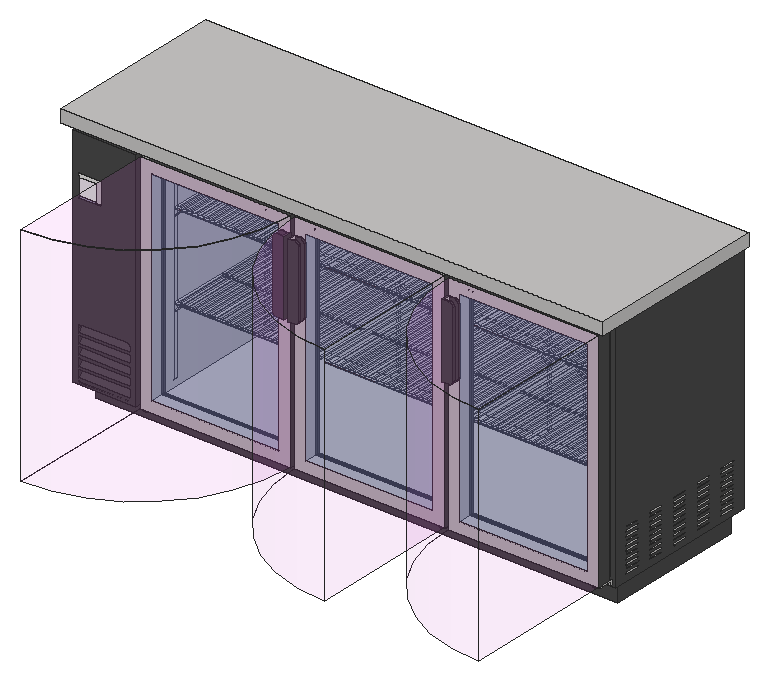
Revit family "QF_Kelvinator_738274_KCHBB72G", category Specialty Equipment, Revit 2021 (continued)
Definition of nested family "KCHBB48S"
  Definition of nested family "Family1"
    Forms (in)
      Extrusion 9, solid
        sketch origin (-1.99196, -0.22718, 30.54873) x (0, -1, 0) y (1, 0, 0)
          loop
            circle (0.64782, 2.54332) r 0.25
        from 0 to 0.125
      Extrusion 10, solid
        sketch origin (-1, 0.35049, 31.46969) x (0, 0, -1) y (1, 0, 0)
          loop
            circle (0.77738, 2.54332) r 0.25
        from 0 to 0.125
      Extrusion 11, solid
        sketch origin (-2, 0.35049, 31.46969) x (0, 0, -1) y (1, 0, 0)
          loop
            circle (0.77738, 2.54332) r 0.25
        from 0 to 0.125
      Extrusion 12, solid
        sketch origin (0, 0.5, -1.02282) x (0, 0, -1) y (-1, 0, 0)
          loop
            line (-1.02282, 0) -> (-1.02282, -3) -> (-0.40238, -3) -> (-0.40238, 0) -> (-1.02282, 0)
        from 0 to -0.14951
      Extrusion 13, solid
        sketch origin (-38.39759, -180, 0) x (0, 1, 0) y (1, 0, 0)
          loop
            line (180.5, 38.39759) -> (180.5, 39.50032) -> (178.875, 39.50032)
            arc (178.875, 39.50032) -> (178.32364, 38.94896) -> (178.875, 38.39759) r 0.55136
            line (178.875, 38.39759) -> (180.5, 38.39759)
        from 0 to 0.14873
      Extrusion 14, solid
        sketch origin (0, 0.35049, -1.06969) x (0, 0, 1) y (-1, 0, 0)
          loop
            circle (0.77738, -2.54332) r 0.25
        from 0 to 0.125
      Extrusion 15, solid
        sketch origin (-1.99196, -0.22718, -0.14873) x (-1, 0, 0) y (0, 1, 0)
          loop
            circle (-2.54332, -0.64782) r 0.25
        from 0 to 0.125
      Extrusion 16, solid
        sketch origin (1, 0.35049, -1.06969) x (0, 0, 1) y (-1, 0, 0)
          loop
            circle (0.77738, -0.54332) r 0.25
        from 0 to 0.125
      Extrusion 17, solid
        sketch origin (2, 0.35049, -1.06969) x (0, 0, 1) y (-1, 0, 0)
          loop
            circle (0.77738, 1.45668) r 0.25
        from 0 to 0.125
      Extrusion 18, void
        sketch origin (0, 0, 0) x (1, 0, 0) y (0, 0, 1)
          loop
            line (18.7, 28.9) -> (1.5, 28.9) -> (1.5, 1.5) -> (18.7, 1.5) -> (18.7, 28.9)
        from -0.5 to 1.75
      Extrusion 19, solid
        sketch origin (0, 0, 0) x (1, 0, 0) y (0, 0, 1)
          loop
            line (1.5, 28.9) -> (1.5, 1.5) -> (18.7, 1.5) -> (18.7, 28.9) -> (1.5, 28.9)
        from 0 to 1.75
      Extrusion 20, solid
        sketch origin (0, -1.75, 0) x (1, 0, 0) y (0, 0, 1)
          loop
            line (18.7, 28.28433) -> (18.7, 18.28433) -> (20.2, 18.28433) -> (20.2, 28.28433) -> (18.7, 28.28433)
        from 0 to 1.07803
      Extrusion 21, void
        sketch origin (18.7, -1.75, 28.28433) x (0, 1, 0) y (1, 0, 0)
          loop
            line (-0.20136, 1.25) -> (-0.88809, 1.25) -> (-0.88809, 0) -> (-0.20136, 0) -> (-0.20136, 1.25)
        from 0 to 10
      Extrusion 22, void
        sketch origin (0, -1.75, 0) x (1, 0, 0) y (0, 0, 1)
          loop
            line (20.34063, 28.28433) -> (20.34063, 28.45985) -> (18.51722, 28.45985) -> (18.51722, 27.64371) -> (18.68438, 27.64371)
            arc (18.68438, 27.64371) -> (18.87201, 28.0967) -> (19.325, 28.28433) r 0.64062
            line (19.325, 28.28433) -> (20.34063, 28.28433)
          loop
            line (20.34063, 18.28433) -> (19.325, 18.28433)
            arc (19.325, 18.28433) -> (18.87201, 18.47197) -> (18.68438, 18.92496) r 0.64062
            line (18.68438, 18.92496) -> (18.51722, 18.92496) -> (18.51722, 18.10882) -> (20.34063, 18.10882) -> (20.34063, 18.28433)
        from 0 to 1.07803
      Extrusion 23, solid, visible <- "Show Clearance"
        sketch origin (0, 0, 0) x (1, 0, 0) y (0, 1, 0)
          loop
            line (0, -1.75) -> (0, -21.95)
            arc (0, -21.95) -> (14.28356, -16.03356) -> (20.2, -1.75) r 20.2
            line (20.2, -1.75) -> (0, -1.75)
        from 0 to 30.4
    Cuts and joins
      Extrusion 2, Extrusion 3, Extrusion 18, Extrusion 22 cuts Extrusion 1
      joined: Extrusion 6, Extrusion 7, Extrusion 8, Extrusion 9, Extrusion 10, Extrusion 11
      joined: Extrusion 12, Extrusion 13, Extrusion 14, Extrusion 15, Extrusion 16, Extrusion 17
      Extrusion 18, Extrusion 22 cuts Extrusion 4
      Extrusion 18 cuts Extrusion 5
      Extrusion 22 cuts Extrusion 19
      Extrusion 21, Extrusion 22 cuts Extrusion 20
    Lines and regions (in)
      Split face 1
        outline origin (0, -1.75, 30.4) x (-1, 0, 0) y (0, 0, -1)
          loop
            arc (-16.6075, 0.1875) -> (-16.295, 0.5) -> (-16.6075, 0.8125) r 0.3125
            line (-16.6075, 0.8125) -> (-17.70125, 0.8125)
            arc (-17.70125, 0.8125) -> (-18.01375, 0.5) -> (-17.70125, 0.1875) r 0.3125
            line (-17.70125, 0.1875) -> (-16.6075, 0.1875)
      Split face 2
        outline origin (0, -1.75, 30.4) x (-1, 0, 0) y (0, 0, -1)
          loop
            circle (-17.15437, 0.5) r 0.2773
      symbolic lines, visible <- "Show Clearance"
        curve 1: arc (17.31478, -12.15377, 0) -> (19.38442, -7.43194, 0) -> (20.19138, -2.34, 0) r 20.2
        curve 2: line (0.98192, -2.34, 0) -> (17.31478, -12.15377, 0)
    Dimensions and locks (in)
      equal spacing: plane 3 "LEFT", plane 7 "Center Y", plane 4 "RIGHT"
      "Length": plane 3 "LEFT" to plane 4 "RIGHT"
      equal spacing: plane 5 "FRONT", plane 8 "Center X", plane 1 "BACK"
      "Depth": plane 5 "FRONT" to plane 1 "BACK"
      "Height": plane 6 "TOP" to level
      locked: plane 13 to plane 4 "RIGHT" at 0.3125
      locked: plane 14 to plane 4 "RIGHT" at 1.5
      aligned and locked: level to plane 2
      aligned and locked: cut or joined group of Extrusion 4, Extrusion 18, Extrusion 22 to plane 13
      aligned and locked: cut or joined group of Extrusion 5, Extrusion 18 to plane 13
      aligned and locked: cut or joined group of Extrusion 19, Extrusion 22 to plane 14
      aligned and locked: plane 14 to cut or joined group of Extrusion 20, Extrusion 21, Extrusion 22
    Automatic sketch dimensions
      Extrusion 1 sketch curve to level = 0"
      Extrusion 1 sketch curve to plane 3 "LEFT" = 0"
      plane 4 "RIGHT" to Extrusion 1 sketch curve = 0"
      Extrusion 1 sketch curve to plane 6 "TOP" = 0"
      Extrusion 2 sketch curve to plane 6 "TOP" = 4.42179"
      Extrusion 2 sketch curve to Extrusion 2 sketch curve = 0.3367"
      Extrusion 2 sketch curve to Extrusion 2 sketch curve = 0.33813"  (x2)
      Extrusion 2 sketch curve to Extrusion 2 sketch curve = 0.09937"  (x2)
      Extrusion 2 sketch curve to Extrusion 2 sketch curve = 0.1008"  (x2)
      plane 12 to Extrusion 2 sketch curve = 4.2715"
      Extrusion 2 sketch curve to Extrusion 2 sketch curve = 0.06211"
      Extrusion 2 sketch curve to Extrusion 2 sketch curve = 0.541"  (x2)
      plane 7 "Center Y" to Extrusion 2 sketch curve = 4.175"
      Extrusion 2 sketch curve to Extrusion 2 sketch curve = 0"
      Extrusion 2 sketch curve to Extrusion 2 sketch curve = 0.47572"
      Extrusion 2 sketch curve to Extrusion 2 sketch curve = 0.063"
      Split face 1 sketch curve to cut or joined group of Extrusion 1, Extrusion 2, Extrusion 3, Extrusion 18, Extrusion 22 = 3/16"
      cut or joined group of Extrusion 1, Extrusion 2, Extrusion 3, Extrusion 18, Extrusion 22 to Split face 1 sketch curve = 0.2873"  (x2)
      Split face 1 sketch curve to cut or joined group of Extrusion 1, Extrusion 2, Extrusion 3, Extrusion 18, Extrusion 22 = 1/32"
      Split face 2 sketch curve to cut or joined group of Extrusion 1, Extrusion 2, Extrusion 3, Extrusion 18, Extrusion 22 = 1/32"
      Split face 2 sketch curve to cut or joined group of Extrusion 1, Extrusion 2, Extrusion 3, Extrusion 18, Extrusion 22 = 0.25958"
      Extrusion 1 to Extrusion 3 sketch curve = 15/32"
      Extrusion 1 to Extrusion 3 sketch curve = 2.78605"
      Extrusion 3 sketch curve to Extrusion 3 sketch curve = 0.51916"
      Extrusion 3 sketch curve to Extrusion 3 sketch curve = 1/16"
      Extrusion 4 sketch curve to plane 1 "BACK" = 0"
      level to Extrusion 4 sketch curve = 0.32425"
      Extrusion 4 sketch curve to plane 6 "TOP" = 0.32575"
      Extrusion 4 sketch curve to Extrusion 4 sketch curve = 1/4"
      Extrusion 5 sketch curve to plane 9 = 0"
      level to Extrusion 5 sketch curve = 0.32425"
      Extrusion 5 sketch curve to plane 6 "TOP" = 0.32575"
      Extrusion 5 sketch curve to Extrusion 5 sketch curve = 1/4"
      Extrusion 6 sketch curve to plane 6 "TOP" = 0"
      Extrusion 6 sketch curve to plane 3 "LEFT" = 0"
      Extrusion 6 sketch curve to plane 10 = 0.12956"
      plane 12 to Extrusion 6 sketch curve = 2 11/16"
      Extrusion 7 sketch curve to plane 9 = 0"
      Extrusion 7 sketch curve to plane 3 "LEFT" = 0"
      plane 12 to Extrusion 7 sketch curve = 0.23886"
      Extrusion 7 sketch curve to plane 8 "Center X" = 1/4"
      Extrusion 8 sketch curve to Extrusion 6 = 0.29232"
      Extrusion 8 sketch curve to Extrusion 6 = 0.45668"
      Extrusion 9 sketch curve to plane 8 "Center X" = 0"
      plane 12 to Extrusion 9 sketch curve = 0.23886"
      Extrusion 10 sketch curve to Extrusion 6 = 0.29232"
      Extrusion 10 sketch curve to Extrusion 6 = 1.45668"
      Extrusion 11 sketch curve to Extrusion 6 = 0.29232"
      Extrusion 11 sketch curve to Extrusion 6 = 0.54332"
      Extrusion 12 sketch curve to level = 0"
      Extrusion 12 sketch curve to plane 3 "LEFT" = 0"
      Extrusion 12 sketch curve to plane 11 = 0.12956"
      plane 12 to Extrusion 12 sketch curve = 2 11/16"
      Extrusion 13 sketch curve to plane 3 "LEFT" = 0"
      Extrusion 13 sketch curve to plane 9 = 0"
      Extrusion 13 sketch curve to plane 8 "Center X" = 1/4"
      Extrusion 13 sketch curve to Extrusion 13 sketch curve = 0.55136"
      Extrusion 14 sketch curve to Extrusion 12 = 0.29232"
      Extrusion 14 sketch curve to Extrusion 12 = 0.45668"
      Extrusion 15 sketch curve to plane 8 "Center X" = 0"
      plane 12 to Extrusion 15 sketch curve = 0.23886"
      Extrusion 16 sketch curve to Extrusion 12 = 0.29232"
      Extrusion 16 sketch curve to Extrusion 12 = 1.45668"
      Extrusion 17 sketch curve to Extrusion 12 = 0.29232"
      Extrusion 17 sketch curve to Extrusion 12 = 0.54332"
      plane 3 "LEFT" to Extrusion 18 sketch curve = 1 1/2"
      Extrusion 18 sketch curve to plane 6 "TOP" = 1 1/2"
      level to Extrusion 18 sketch curve = 1 1/2"
      plane 4 "RIGHT" to Extrusion 18 sketch curve = 1 1/2"
      plane 12 to Extrusion 19 sketch curve = 1 3/16"
      level to Extrusion 19 sketch curve = 1 1/2"
      Extrusion 19 sketch curve to plane 6 "TOP" = 1 1/2"
      plane 4 "RIGHT" to Extrusion 20 sketch curve = 0"
      Extrusion 20 sketch curve to plane 6 "TOP" = 12.11567"
      Extrusion 20 sketch curve to plane 6 "TOP" = 2.11567"
      Extrusion 21 sketch curve to Extrusion 20 = 1 1/4"
      Extrusion 21 sketch curve to Extrusion 20 = 1 1/2"
      Extrusion 20 to Extrusion 21 sketch curve = 0.18994"
      Extrusion 20 to Extrusion 21 sketch curve = 0.20136"
      Extrusion 22 sketch curve to Extrusion 20 = 0"  (x2)
      Extrusion 22 sketch curve to Extrusion 20 = 0.18278"  (x2)
      Extrusion 22 sketch curve to Extrusion 20 = 1/64"  (x2)
      Extrusion 20 to Extrusion 22 sketch curve = 5/8"  (x2)
      Extrusion 22 sketch curve to Extrusion 20 = 9/64"  (x2)
      Extrusion 22 sketch curve to Extrusion 20 = 0.17552"
      Extrusion 22 sketch curve to Extrusion 22 sketch curve = 0.17552"
      Extrusion 23 sketch curve to plane 3 "LEFT" = 0"
      Extrusion 23 sketch curve to plane 4 "RIGHT" = 0"
      plane 5 "FRONT" to Extrusion 23 sketch curve = 0"
      plane 13 to Extrusion 19 sketch curve = 1 3/16"
      plane 13 to Extrusion 20 sketch curve = 1 3/16"
      curve 1 to plane 3 "LEFT" = 0"
      curve 2 to plane 15 = 0"
      curve 1 to plane 15 = 0"
      plane 5 "FRONT" to curve 1 = 0"
      plane 14 to curve 2 = 1.38522"
      curve 2 to plane 15 = 9.81377"
      plane 12 to curve 2 = 0.66942"
      radius of Split face 2 sketch curve = 0.2773"
      radius of Extrusion 8 sketch curve = 1/4"
      radius of Extrusion 9 sketch curve = 1/4"
      radius of Extrusion 10 sketch curve = 1/4"
      radius of Extrusion 11 sketch curve = 1/4"
      radius of Extrusion 14 sketch curve = 1/4"
      radius of Extrusion 15 sketch curve = 1/4"
      radius of Extrusion 16 sketch curve = 1/4"
      radius of Extrusion 17 sketch curve = 1/4"
  Definition of nested family "Family2"
    Parameters (values of type "Family2")
      Weight in Pounds = 0
      URL Cutsheet = ""
      Specification by User = ""
      Specification by Manufacturer = ""
      Serial Number = ""
      Seismic Rating = ""
      SMACNA No = ""
      Revision Code = ""
      NAFEM Spec ID Number = ""
      Masterspec = ""
      Length = 60 1/4"
      Item Number = ""
      Installed By = ""
      Identify Quantity as Lot = yes
      Height = 27"
      Furnished By = ""
      Foodservice Equipment Identifier = yes
      Depth = 17 1/2"
      Default Elevation = 0"
      CSI MasterFormat = ""
    Reference planes (in)
      plane 1 "BACK": y = 0
      plane 2: z = 0
      plane 3 "LEFT": x = 0
      plane 4 "RIGHT": x = 60.25
      plane 5 "FRONT": y = -17.5
      plane 6 "TOP": z = 27
      plane 7 "Center Y": x = 30.125
      plane 8 "Center X": y = -8.75
      plane 9: x = 19.75
      plane 10: x = 40.5
      plane 11: x = 20.25
      plane 12: x = 40
    Forms (in)
      Sweep 1, solid
        path origin (0, -0.375, -12.5068) x (1, 0, 0) y (0, 1, 0)
          loop
            arc (0.77862, -0.125) -> (0.60184, -0.19822) -> (0.52862, -0.375) r 0.25
            line (0.52862, -0.375) -> (0.52862, -15.625)
            arc (0.52862, -15.625) -> (0.60184, -15.80178) -> (0.77862, -15.875) r 0.25
            line (0.77862, -15.875) -> (19.4375, -15.875)
            arc (19.4375, -15.875) -> (19.61428, -15.80178) -> (19.6875, -15.625) r 0.25
            line (19.6875, -15.625) -> (19.6875, -0.375)
            arc (19.6875, -0.375) -> (19.61428, -0.19822) -> (19.4375, -0.125) r 0.25
            line (19.4375, -0.125) -> (0.77862, -0.125)
        profile origin (10.10806, -0.5, -12.5068) x (0, 1, 0) y (0, 0, 1)
          loop
            circle (0, 33.51221) r 0.125
      Sweep 2, solid
        path origin (0, -0.375, -12.5068) x (1, 0, 0) y (0, 0, 1)
          loop
            line (0.65748, 33.41305) -> (0.65748, 34.5)
            arc (0.65748, 34.5) -> (0.80392, 34.85355) -> (1.15748, 35) r 0.5
            line (1.15748, 35) -> (18.93214, 35)
            arc (18.93214, 35) -> (19.28569, 34.85355) -> (19.43214, 34.5) r 0.5
            line (19.43214, 34.5) -> (19.43214, 33.39548)
        profile origin (1.15748, -0.375, 22.4932) x (0, 0, 1) y (0, -1, 0)
          loop
            circle (0, 0.125) r 0.125
      Extrusion 3, solid
        sketch origin (0, -0.375, -12.5068) x (1, 0, 0) y (0, 0, 1)
          loop
            circle (1.24728, 33.51221) r 0.11607
          loop
            circle (1.99728, 33.51221) r 0.11719
          loop
            circle (2.74728, 33.51221) r 0.11719
          loop
            circle (3.49728, 33.51221) r 0.11719
          loop
            circle (4.24728, 33.51221) r 0.11719
          loop
            circle (4.99728, 33.51221) r 0.11719
          loop
            circle (5.74728, 33.51221) r 0.11719
          loop
            circle (6.49728, 33.51221) r 0.11719
          loop
            circle (7.24728, 33.51221) r 0.11719
          loop
            circle (7.99728, 33.51221) r 0.11719
          loop
            circle (8.74728, 33.51221) r 0.11719
          loop
            circle (12.59103, 33.51221) r 0.11719
          loop
            circle (9.49728, 33.51221) r 0.11719
          loop
            circle (10.24728, 33.51221) r 0.11719
          loop
            circle (10.99728, 33.51221) r 0.11719
          loop
            circle (11.74728, 33.51221) r 0.11719
          loop
            circle (16.44022, 33.51221) r 0.11719
          loop
            circle (15.69022, 33.51221) r 0.11719
          loop
            circle (14.94022, 33.51221) r 0.11719
          loop
            circle (14.19022, 33.51221) r 0.11719
          loop
            circle (13.44022, 33.51221) r 0.11719
          loop
            circle (18.71603, 33.51221) r 0.11719
          loop
            circle (17.12228, 33.51221) r 0.11719
          loop
            circle (17.87228, 33.51221) r 0.11719
        from 0.11338 to 15.87625
      Extrusion 4, solid
        sketch origin (0, -0.375, -12.5068) x (0, 1, 0) y (0, 0, 1)
          loop
            circle (-8, 33.51181) r 0.11366
        from 0.53657 to 19.50171
      Extrusion 5, solid
        sketch origin (17.375, -16, 0) x (1, 0, 0) y (0, 0, 1)
          loop
            line (42.875, 27) -> (42.69822, 26.82322) -> (42.69822, 0.17678) -> (42.875, 0) -> (42.875, 27)
        from 0 to -0.25
      Extrusion 6, solid
        sketch origin (17.375, -0.5, 0) x (1, 0, 0) y (0, 0, -1)
          loop
            line (42.875, -27) -> (42.875, 0) -> (42.69822, -0.17678) -> (42.69822, -26.82322) -> (42.875, -27)
        from 0 to -0.25
      Extrusion 7, solid
        sketch origin (10.98556, -16, -0.25) x (1, 0, 0) y (0, 0, 1)
          loop
            line (49.08766, 9.5) -> (49.08766, 9.625) -> (48.04932, 9.625)
            arc (48.04932, 9.625) -> (48.01474, 9.60189) -> (48.02285, 9.5611) r 0.03743
            line (48.02285, 9.5611) -> (49.08766, 8.49629) -> (49.08766, 8.67306) -> (48.30703, 9.45369)
            arc (48.30703, 9.45369) -> (48.30115, 9.48325) -> (48.32622, 9.5) r 0.02713
            line (48.32622, 9.5) -> (49.08766, 9.5)
          loop
            line (49.08766, 21) -> (49.08766, 21.125) -> (48.04932, 21.125)
            arc (48.04932, 21.125) -> (48.01474, 21.10189) -> (48.02285, 21.0611) r 0.03743
            line (48.02285, 21.0611) -> (49.08766, 19.99629) -> (49.08766, 20.17306) -> (48.30703, 20.95369)
            arc (48.30703, 20.95369) -> (48.30115, 20.98325) -> (48.32622, 21) r 0.02713
            line (48.32622, 21) -> (49.08766, 21)
        from 0 to -0.25
      Extrusion 8, solid
        sketch origin (11.0625, -0.5, -0.25) x (1, 0, 0) y (0, 0, -1)
          loop
            line (49.01072, -9.5) -> (48.24928, -9.5)
            arc (48.24928, -9.5) -> (48.22422, -9.48325) -> (48.2301, -9.45369) r 0.02713
            line (48.2301, -9.45369) -> (49.01072, -8.67306) -> (49.01072, -8.49629) -> (47.94591, -9.5611)
            arc (47.94591, -9.5611) -> (47.9378, -9.60189) -> (47.97238, -9.625) r 0.03743
            line (47.97238, -9.625) -> (49.01072, -9.625) -> (49.01072, -9.5)
          loop
            line (49.01072, -21) -> (48.24928, -21)
            arc (48.24928, -21) -> (48.22422, -20.98325) -> (48.2301, -20.95369) r 0.02713
            line (48.2301, -20.95369) -> (49.01072, -20.17306) -> (49.01072, -19.99629) -> (47.94591, -21.0611)
            arc (47.94591, -21.0611) -> (47.9378, -21.10189) -> (47.97238, -21.125) r 0.03743
            line (47.97238, -21.125) -> (49.01072, -21.125) -> (49.01072, -21)
        from 0 to -0.25
      Extrusion 9, solid
        sketch origin (18.875, -16, 0) x (-1, 0, 0) y (0, 0, -1)
          loop
            line (18.875, -27) -> (18.875, 0) -> (18.69822, -0.17678) -> (18.69822, -26.82322) -> (18.875, -27)
        from 0 to -0.25
      Extrusion 10, solid
        sketch origin (18.875, -0.5, 0) x (-1, 0, 0) y (0, 0, 1)
          loop
            line (18.875, 27) -> (18.69822, 26.82322) -> (18.69822, 0.17678) -> (18.875, 0) -> (18.875, 27)
        from 0 to -0.25
      Extrusion 11, solid
        sketch origin (25.26444, -16, -0.25) x (-1, 0, 0) y (0, 0, -1)
          loop
            line (25.08766, -9.5) -> (24.32622, -9.5)
            arc (24.32622, -9.5) -> (24.30115, -9.48325) -> (24.30703, -9.45369) r 0.02713
            line (24.30703, -9.45369) -> (25.08766, -8.67306) -> (25.08766, -8.49629) -> (24.02285, -9.5611)
            arc (24.02285, -9.5611) -> (24.01474, -9.60189) -> (24.04932, -9.625) r 0.03743
            line (24.04932, -9.625) -> (25.08766, -9.625) -> (25.08766, -9.5)
          loop
            line (25.08766, -21) -> (24.32622, -21)
            arc (24.32622, -21) -> (24.30115, -20.98325) -> (24.30703, -20.95369) r 0.02713
            line (24.30703, -20.95369) -> (25.08766, -20.17306) -> (25.08766, -19.99629) -> (24.02285, -21.0611)
            arc (24.02285, -21.0611) -> (24.01474, -21.10189) -> (24.04932, -21.125) r 0.03743
            line (24.04932, -21.125) -> (25.08766, -21.125) -> (25.08766, -21)
        from 0 to -0.25
      Extrusion 12, solid
        sketch origin (25.1875, -0.5, -0.25) x (-1, 0, 0) y (0, 0, 1)
          loop
            line (25.01072, 9.5) -> (25.01072, 9.625) -> (23.97238, 9.625)
            arc (23.97238, 9.625) -> (23.9378, 9.60189) -> (23.94591, 9.5611) r 0.03743
            line (23.94591, 9.5611) -> (25.01072, 8.49629) -> (25.01072, 8.67306) -> (24.2301, 9.45369)
            arc (24.2301, 9.45369) -> (24.22422, 9.48325) -> (24.24928, 9.5) r 0.02713
            line (24.24928, 9.5) -> (25.01072, 9.5)
          loop
            line (25.01072, 21) -> (25.01072, 21.125) -> (23.97238, 21.125)
            arc (23.97238, 21.125) -> (23.9378, 21.10189) -> (23.94591, 21.0611) r 0.03743
            line (23.94591, 21.0611) -> (25.01072, 19.99629) -> (25.01072, 20.17306) -> (24.2301, 20.95369)
            arc (24.2301, 20.95369) -> (24.22422, 20.98325) -> (24.24928, 21) r 0.02713
            line (24.24928, 21) -> (25.01072, 21)
        from 0 to -0.25
      Extrusion 13, solid
        sketch origin (2.25171, -18.875, 0) x (0, 1, 0) y (0, 0, -1)
          loop
            line (18.875, -27) -> (18.875, 0) -> (18.69822, -0.17678) -> (18.69822, -26.82322) -> (18.875, -27)
        from 0 to -0.25
      Extrusion 14, solid
        sketch origin (2.25171, -25.26444, -0.25) x (0, 1, 0) y (0, 0, -1)
          loop
            line (25.08766, -9.48438) -> (24.32622, -9.48438)
            arc (24.32622, -9.48438) -> (24.30115, -9.46763) -> (24.30703, -9.43806) r 0.02713
            line (24.30703, -9.43806) -> (25.08766, -8.65744) -> (25.08766, -8.48066) -> (24.02285, -9.54547)
            arc (24.02285, -9.54547) -> (24.01474, -9.58627) -> (24.04932, -9.60938) r 0.03743
            line (24.04932, -9.60938) -> (25.08766, -9.60938) -> (25.08766, -9.48438)
          loop
            line (25.08766, -21) -> (24.32622, -21)
            arc (24.32622, -21) -> (24.30115, -20.98325) -> (24.30703, -20.95369) r 0.02713
            line (24.30703, -20.95369) -> (25.08766, -20.17306) -> (25.08766, -19.99629) -> (24.02285, -21.0611)
            arc (24.02285, -21.0611) -> (24.01474, -21.10189) -> (24.04932, -21.125) r 0.03743
            line (24.04932, -21.125) -> (25.08766, -21.125) -> (25.08766, -21)
        from 0 to -0.25
      Extrusion 15, solid
        sketch origin (17.43921, -18.875, 0) x (0, 1, 0) y (0, 0, -1)
          loop
            line (18.875, -27) -> (18.875, 0) -> (18.69822, -0.17678) -> (18.69822, -26.82322) -> (18.875, -27)
        from 0 to -0.25
      Extrusion 16, solid
        sketch origin (17.43921, -25.26444, -0.25) x (0, 1, 0) y (0, 0, -1)
          loop
            line (25.08766, -9.48438) -> (24.32622, -9.48438)
            arc (24.32622, -9.48438) -> (24.30115, -9.46763) -> (24.30703, -9.43806) r 0.02713
            line (24.30703, -9.43806) -> (25.08766, -8.65744) -> (25.08766, -8.48066) -> (24.02285, -9.54547)
            arc (24.02285, -9.54547) -> (24.01474, -9.58627) -> (24.04932, -9.60938) r 0.03743
            line (24.04932, -9.60938) -> (25.08766, -9.60938) -> (25.08766, -9.48438)
          loop
            line (25.08766, -21) -> (24.32622, -21)
            arc (24.32622, -21) -> (24.30115, -20.98325) -> (24.30703, -20.95369) r 0.02713
            line (24.30703, -20.95369) -> (25.08766, -20.17306) -> (25.08766, -19.99629) -> (24.02285, -21.0611)
            arc (24.02285, -21.0611) -> (24.01474, -21.10189) -> (24.04932, -21.125) r 0.03743
            line (24.04932, -21.125) -> (25.08766, -21.125) -> (25.08766, -21)
        from 0 to -0.25
      Sweep 17, solid
        path origin (0, -0.375, -24.0068) x (1, 0, 0) y (0, 1, 0)
          loop
            arc (0.77862, -0.125) -> (0.60184, -0.19822) -> (0.52862, -0.375) r 0.25
            line (0.52862, -0.375) -> (0.52862, -15.625)
            arc (0.52862, -15.625) -> (0.60184, -15.80178) -> (0.77862, -15.875) r 0.25
            line (0.77862, -15.875) -> (19.4375, -15.875)
            arc (19.4375, -15.875) -> (19.61428, -15.80178) -> (19.6875, -15.625) r 0.25
            line (19.6875, -15.625) -> (19.6875, -0.375)
            arc (19.6875, -0.375) -> (19.61428, -0.19822) -> (19.4375, -0.125) r 0.25
            line (19.4375, -0.125) -> (0.77862, -0.125)
        profile origin (10.10806, -0.5, -24.0068) x (0, 1, 0) y (0, 0, 1)
          loop
            circle (0, 33.51221) r 0.125
      Sweep 18, solid
        path origin (0, -0.375, -24.0068) x (1, 0, 0) y (0, 0, 1)
          loop
            line (0.65748, 33.41305) -> (0.65748, 34.5)
            arc (0.65748, 34.5) -> (0.80392, 34.85355) -> (1.15748, 35) r 0.5
            line (1.15748, 35) -> (18.93214, 35)
            arc (18.93214, 35) -> (19.28569, 34.85355) -> (19.43214, 34.5) r 0.5
            line (19.43214, 34.5) -> (19.43214, 33.39548)
        profile origin (1.15748, -0.375, 10.9932) x (0, 0, 1) y (0, -1, 0)
          loop
            circle (0, 0.125) r 0.125
      Extrusion 19, solid
        sketch origin (0, -0.375, -24.0068) x (1, 0, 0) y (0, 0, 1)
          loop
            circle (1.24728, 33.51221) r 0.11607
          loop
            circle (1.99728, 33.51221) r 0.11719
          loop
            circle (2.74728, 33.51221) r 0.11719
          loop
            circle (3.49728, 33.51221) r 0.11719
          loop
            circle (4.24728, 33.51221) r 0.11719
          loop
            circle (4.99728, 33.51221) r 0.11719
          loop
            circle (5.74728, 33.51221) r 0.11719
          loop
            circle (6.49728, 33.51221) r 0.11719
          loop
            circle (7.24728, 33.51221) r 0.11719
          loop
            circle (7.99728, 33.51221) r 0.11719
          loop
            circle (8.74728, 33.51221) r 0.11719
          loop
            circle (12.59103, 33.51221) r 0.11719
          loop
            circle (9.49728, 33.51221) r 0.11719
          loop
            circle (10.24728, 33.51221) r 0.11719
          loop
            circle (10.99728, 33.51221) r 0.11719
          loop
            circle (11.74728, 33.51221) r 0.11719
          loop
            circle (16.44022, 33.51221) r 0.11719
          loop
            circle (15.69022, 33.51221) r 0.11719
          loop
            circle (14.94022, 33.51221) r 0.11719
          loop
            circle (14.19022, 33.51221) r 0.11719
          loop
            circle (13.44022, 33.51221) r 0.11719
          loop
            circle (18.71603, 33.51221) r 0.11719
          loop
            circle (17.12228, 33.51221) r 0.11719
          loop
            circle (17.87228, 33.51221) r 0.11719
        from 0.11338 to 15.87625
      Extrusion 20, solid
        sketch origin (0, -0.375, -24.0068) x (0, 1, 0) y (0, 0, 1)
          loop
            circle (-8, 33.51181) r 0.11366
        from 0.53657 to 19.50171
      Sweep 21, solid
        path origin (60.25, -0.375, -12.5068) x (-1, 0, 0) y (0, -1, 0)
          loop
            line (0.77862, 0.125) -> (19.4375, 0.125)
            arc (19.4375, 0.125) -> (19.61428, 0.19822) -> (19.6875, 0.375) r 0.25
            line (19.6875, 0.375) -> (19.6875, 15.625)
            arc (19.6875, 15.625) -> (19.61428, 15.80178) -> (19.4375, 15.875) r 0.25
            line (19.4375, 15.875) -> (0.77862, 15.875)
            arc (0.77862, 15.875) -> (0.60184, 15.80178) -> (0.52862, 15.625) r 0.25
            line (0.52862, 15.625) -> (0.52862, 0.375)
            arc (0.52862, 0.375) -> (0.60184, 0.19822) -> (0.77862, 0.125) r 0.25
        profile origin (50.14194, -0.5, -12.5068) x (0, -1, 0) y (0, 0, 1)
          loop
            circle (0, 33.51221) r 0.125
      Sweep 22, solid
        path origin (60.25, -0.375, -12.5068) x (-1, 0, 0) y (0, 0, -1)
          loop
            line (0.65748, -33.41305) -> (0.65748, -34.5)
            arc (0.65748, -34.5) -> (0.80392, -34.85355) -> (1.15748, -35) r 0.5
            line (1.15748, -35) -> (18.93214, -35)
            arc (18.93214, -35) -> (19.28569, -34.85355) -> (19.43214, -34.5) r 0.5
            line (19.43214, -34.5) -> (19.43214, -33.39548)
        profile origin (59.09252, -0.375, 22.4932) x (0, 0, -1) y (0, -1, 0)
          loop
            circle (0, 0.125) r 0.125
      Extrusion 23, solid
        sketch origin (60.25, -0.375, -12.5068) x (-1, 0, 0) y (0, 0, -1)
          loop
            circle (1.24728, -33.51221) r 0.11607
          loop
            circle (1.99728, -33.51221) r 0.11719
          loop
            circle (2.74728, -33.51221) r 0.11719
          loop
            circle (3.49728, -33.51221) r 0.11719
          loop
            circle (4.24728, -33.51221) r 0.11719
          loop
            circle (4.99728, -33.51221) r 0.11719
          loop
            circle (5.74728, -33.51221) r 0.11719
          loop
            circle (6.49728, -33.51221) r 0.11719
          loop
            circle (7.24728, -33.51221) r 0.11719
          loop
            circle (7.99728, -33.51221) r 0.11719
          loop
            circle (8.74728, -33.51221) r 0.11719
          loop
            circle (12.59103, -33.51221) r 0.11719
          loop
            circle (9.49728, -33.51221) r 0.11719
          loop
            circle (10.24728, -33.51221) r 0.11719
          loop
            circle (10.99728, -33.51221) r 0.11719
          loop
            circle (11.74728, -33.51221) r 0.11719
          loop
            circle (16.44022, -33.51221) r 0.11719
          loop
            circle (15.69022, -33.51221) r 0.11719
          loop
            circle (14.94022, -33.51221) r 0.11719
          loop
            circle (14.19022, -33.51221) r 0.11719
          loop
            circle (13.44022, -33.51221) r 0.11719
          loop
            circle (18.71603, -33.51221) r 0.11719
          loop
            circle (17.12228, -33.51221) r 0.11719
          loop
            circle (17.87228, -33.51221) r 0.11719
        from 0.11338 to 15.87625
      Extrusion 24, solid
        sketch origin (60.25, -0.375, -12.5068) x (0, 1, 0) y (0, 0, -1)
          loop
            circle (-8, -33.51181) r 0.11366
        from 0.53657 to 19.50171
      Extrusion 25, solid
        sketch origin (57.99829, -18.875, 0) x (0, 1, 0) y (0, 0, 1)
          loop
            line (18.875, 27) -> (18.69822, 26.82322) -> (18.69822, 0.17678) -> (18.875, 0) -> (18.875, 27)
        from 0 to -0.25
      Extrusion 26, solid
        sketch origin (57.99829, -25.26444, -0.25) x (0, 1, 0) y (0, 0, 1)
          loop
            line (25.08766, 9.48438) -> (25.08766, 9.60938) -> (24.04932, 9.60938)
            arc (24.04932, 9.60938) -> (24.01474, 9.58627) -> (24.02285, 9.54547) r 0.03743
            line (24.02285, 9.54547) -> (25.08766, 8.48066) -> (25.08766, 8.65744) -> (24.30703, 9.43806)
            arc (24.30703, 9.43806) -> (24.30115, 9.46763) -> (24.32622, 9.48438) r 0.02713
            line (24.32622, 9.48438) -> (25.08766, 9.48438)
          loop
            line (25.08766, 21) -> (25.08766, 21.125) -> (24.04932, 21.125)
            arc (24.04932, 21.125) -> (24.01474, 21.10189) -> (24.02285, 21.0611) r 0.03743
            line (24.02285, 21.0611) -> (25.08766, 19.99629) -> (25.08766, 20.17306) -> (24.30703, 20.95369)
            arc (24.30703, 20.95369) -> (24.30115, 20.98325) -> (24.32622, 21) r 0.02713
            line (24.32622, 21) -> (25.08766, 21)
        from 0 to -0.25
      Extrusion 27, solid
        sketch origin (42.81079, -18.875, 0) x (0, 1, 0) y (0, 0, 1)
          loop
            line (18.875, 27) -> (18.69822, 26.82322) -> (18.69822, 0.17678) -> (18.875, 0) -> (18.875, 27)
        from 0 to -0.25
      Extrusion 28, solid
        sketch origin (42.81079, -25.26444, -0.25) x (0, 1, 0) y (0, 0, 1)
          loop
            line (25.08766, 9.48438) -> (25.08766, 9.60938) -> (24.04932, 9.60938)
            arc (24.04932, 9.60938) -> (24.01474, 9.58627) -> (24.02285, 9.54547) r 0.03743
            line (24.02285, 9.54547) -> (25.08766, 8.48066) -> (25.08766, 8.65744) -> (24.30703, 9.43806)
            arc (24.30703, 9.43806) -> (24.30115, 9.46763) -> (24.32622, 9.48438) r 0.02713
            line (24.32622, 9.48438) -> (25.08766, 9.48438)
          loop
            line (25.08766, 21) -> (25.08766, 21.125) -> (24.04932, 21.125)
            arc (24.04932, 21.125) -> (24.01474, 21.10189) -> (24.02285, 21.0611) r 0.03743
            line (24.02285, 21.0611) -> (25.08766, 19.99629) -> (25.08766, 20.17306) -> (24.30703, 20.95369)
            arc (24.30703, 20.95369) -> (24.30115, 20.98325) -> (24.32622, 21) r 0.02713
            line (24.32622, 21) -> (25.08766, 21)
        from 0 to -0.25
      Sweep 29, solid
        path origin (60.25, -0.375, -24.0068) x (-1, 0, 0) y (0, -1, 0)
          loop
            line (0.77862, 0.125) -> (19.4375, 0.125)
            arc (19.4375, 0.125) -> (19.61428, 0.19822) -> (19.6875, 0.375) r 0.25
            line (19.6875, 0.375) -> (19.6875, 15.625)
            arc (19.6875, 15.625) -> (19.61428, 15.80178) -> (19.4375, 15.875) r 0.25
            line (19.4375, 15.875) -> (0.77862, 15.875)
            arc (0.77862, 15.875) -> (0.60184, 15.80178) -> (0.52862, 15.625) r 0.25
            line (0.52862, 15.625) -> (0.52862, 0.375)
            arc (0.52862, 0.375) -> (0.60184, 0.19822) -> (0.77862, 0.125) r 0.25
        profile origin (50.14194, -0.5, -24.0068) x (0, -1, 0) y (0, 0, 1)
          loop
            circle (0, 33.51221) r 0.125
      Sweep 30, solid
        path origin (60.25, -0.375, -24.0068) x (-1, 0, 0) y (0, 0, -1)
          loop
            line (0.65748, -33.41305) -> (0.65748, -34.5)
            arc (0.65748, -34.5) -> (0.80392, -34.85355) -> (1.15748, -35) r 0.5
            line (1.15748, -35) -> (18.93214, -35)
            arc (18.93214, -35) -> (19.28569, -34.85355) -> (19.43214, -34.5) r 0.5
            line (19.43214, -34.5) -> (19.43214, -33.39548)
        profile origin (59.09252, -0.375, 10.9932) x (0, 0, -1) y (0, -1, 0)
          loop
            circle (0, 0.125) r 0.125
      Extrusion 31, solid
        sketch origin (60.25, -0.375, -24.0068) x (-1, 0, 0) y (0, 0, -1)
          loop
            circle (1.24728, -33.51221) r 0.11607
          loop
            circle (1.99728, -33.51221) r 0.11719
          loop
            circle (2.74728, -33.51221) r 0.11719
          loop
            circle (3.49728, -33.51221) r 0.11719
          loop
            circle (4.24728, -33.51221) r 0.11719
          loop
            circle (4.99728, -33.51221) r 0.11719
          loop
            circle (5.74728, -33.51221) r 0.11719
          loop
            circle (6.49728, -33.51221) r 0.11719
          loop
            circle (7.24728, -33.51221) r 0.11719
          loop
            circle (7.99728, -33.51221) r 0.11719
          loop
            circle (8.74728, -33.51221) r 0.11719
          loop
            circle (12.59103, -33.51221) r 0.11719
          loop
            circle (9.49728, -33.51221) r 0.11719
          loop
            circle (10.24728, -33.51221) r 0.11719
          loop
            circle (10.99728, -33.51221) r 0.11719
          loop
            circle (11.74728, -33.51221) r 0.11719
          loop
            circle (16.44022, -33.51221) r 0.11719
          loop
            circle (15.69022, -33.51221) r 0.11719
          loop
            circle (14.94022, -33.51221) r 0.11719
          loop
            circle (14.19022, -33.51221) r 0.11719
          loop
            circle (13.44022, -33.51221) r 0.11719
          loop
            circle (18.71603, -33.51221) r 0.11719
          loop
            circle (17.12228, -33.51221) r 0.11719
          loop
            circle (17.87228, -33.51221) r 0.11719
        from 0.11338 to 15.87625
      Extrusion 32, solid
        sketch origin (60.25, -0.375, -24.0068) x (0, 1, 0) y (0, 0, -1)
          loop
            circle (-8, -33.51181) r 0.11366
        from 0.53657 to 19.50171
      Sweep 33, solid
        path origin (40.25, -0.375, -12.5068) x (-1, 0, 0) y (0, -1, 0)
          loop
            line (0.77862, 0.125) -> (19.4375, 0.125)
            arc (19.4375, 0.125) -> (19.61428, 0.19822) -> (19.6875, 0.375) r 0.25
            line (19.6875, 0.375) -> (19.6875, 15.625)
            arc (19.6875, 15.625) -> (19.61428, 15.80178) -> (19.4375, 15.875) r 0.25
            line (19.4375, 15.875) -> (0.77862, 15.875)
            arc (0.77862, 15.875) -> (0.60184, 15.80178) -> (0.52862, 15.625) r 0.25
            line (0.52862, 15.625) -> (0.52862, 0.375)
            arc (0.52862, 0.375) -> (0.60184, 0.19822) -> (0.77862, 0.125) r 0.25
        profile origin (30.14194, -0.5, -12.5068) x (0, -1, 0) y (0, 0, 1)
          loop
            circle (0, 33.51221) r 0.125
      Sweep 34, solid
        path origin (40.25, -0.375, -12.5068) x (-1, 0, 0) y (0, 0, -1)
          loop
            line (0.65748, -33.41305) -> (0.65748, -34.5)
            arc (0.65748, -34.5) -> (0.80392, -34.85355) -> (1.15748, -35) r 0.5
            line (1.15748, -35) -> (18.93214, -35)
            arc (18.93214, -35) -> (19.28569, -34.85355) -> (19.43214, -34.5) r 0.5
            line (19.43214, -34.5) -> (19.43214, -33.39548)
        profile origin (39.09252, -0.375, 22.4932) x (0, 0, -1) y (0, -1, 0)
          loop
            circle (0, 0.125) r 0.125
      Extrusion 35, solid
        sketch origin (40.25, -0.375, -12.5068) x (-1, 0, 0) y (0, 0, -1)
          loop
            circle (1.24728, -33.51221) r 0.11607
          loop
            circle (1.99728, -33.51221) r 0.11719
          loop
            circle (2.74728, -33.51221) r 0.11719
          loop
            circle (3.49728, -33.51221) r 0.11719
          loop
            circle (4.24728, -33.51221) r 0.11719
          loop
            circle (4.99728, -33.51221) r 0.11719
          loop
            circle (5.74728, -33.51221) r 0.11719
          loop
            circle (6.49728, -33.51221) r 0.11719
          loop
            circle (7.24728, -33.51221) r 0.11719
          loop
            circle (7.99728, -33.51221) r 0.11719
          loop
            circle (8.74728, -33.51221) r 0.11719
          loop
            circle (12.59103, -33.51221) r 0.11719
          loop
            circle (9.49728, -33.51221) r 0.11719
          loop
            circle (10.24728, -33.51221) r 0.11719
          loop
            circle (10.99728, -33.51221) r 0.11719
          loop
            circle (11.74728, -33.51221) r 0.11719
          loop
            circle (16.44022, -33.51221) r 0.11719
          loop
            circle (15.69022, -33.51221) r 0.11719
          loop
            circle (14.94022, -33.51221) r 0.11719
          loop
            circle (14.19022, -33.51221) r 0.11719
          loop
            circle (13.44022, -33.51221) r 0.11719
          loop
            circle (18.71603, -33.51221) r 0.11719
          loop
            circle (17.12228, -33.51221) r 0.11719
          loop
            circle (17.87228, -33.51221) r 0.11719
        from 0.11338 to 15.87625
      Extrusion 36, solid
        sketch origin (40.25, -0.375, -12.5068) x (0, 1, 0) y (0, 0, -1)
          loop
            circle (-8, -33.51181) r 0.11366
        from 0.53657 to 19.50171
      Extrusion 37, solid
        sketch origin (37.99829, -18.875, 0) x (0, 1, 0) y (0, 0, 1)
          loop
            line (18.875, 27) -> (18.69822, 26.82322) -> (18.69822, 0.17678) -> (18.875, 0) -> (18.875, 27)
        from 0 to -0.25
      Extrusion 38, solid
        sketch origin (37.99829, -25.26444, -0.25) x (0, 1, 0) y (0, 0, 1)
          loop
            line (25.08766, 9.48438) -> (25.08766, 9.60938) -> (24.04932, 9.60938)
            arc (24.04932, 9.60938) -> (24.01474, 9.58627) -> (24.02285, 9.54547) r 0.03743
            line (24.02285, 9.54547) -> (25.08766, 8.48066) -> (25.08766, 8.65744) -> (24.30703, 9.43806)
            arc (24.30703, 9.43806) -> (24.30115, 9.46763) -> (24.32622, 9.48438) r 0.02713
            line (24.32622, 9.48438) -> (25.08766, 9.48438)
          loop
            line (25.08766, 21) -> (25.08766, 21.125) -> (24.04932, 21.125)
            arc (24.04932, 21.125) -> (24.01474, 21.10189) -> (24.02285, 21.0611) r 0.03743
            line (24.02285, 21.0611) -> (25.08766, 19.99629) -> (25.08766, 20.17306) -> (24.30703, 20.95369)
            arc (24.30703, 20.95369) -> (24.30115, 20.98325) -> (24.32622, 21) r 0.02713
            line (24.32622, 21) -> (25.08766, 21)
        from 0 to -0.25
      Extrusion 39, solid
        sketch origin (22.81079, -18.875, 0) x (0, 1, 0) y (0, 0, 1)
          loop
            line (18.875, 27) -> (18.69822, 26.82322) -> (18.69822, 0.17678) -> (18.875, 0) -> (18.875, 27)
        from 0 to -0.25
      Extrusion 40, solid
        sketch origin (22.81079, -25.26444, -0.25) x (0, 1, 0) y (0, 0, 1)
          loop
            line (25.08766, 9.48438) -> (25.08766, 9.60938) -> (24.04932, 9.60938)
            arc (24.04932, 9.60938) -> (24.01474, 9.58627) -> (24.02285, 9.54547) r 0.03743
            line (24.02285, 9.54547) -> (25.08766, 8.48066) -> (25.08766, 8.65744) -> (24.30703, 9.43806)
            arc (24.30703, 9.43806) -> (24.30115, 9.46763) -> (24.32622, 9.48438) r 0.02713
            line (24.32622, 9.48438) -> (25.08766, 9.48438)
          loop
            line (25.08766, 21) -> (25.08766, 21.125) -> (24.04932, 21.125)
            arc (24.04932, 21.125) -> (24.01474, 21.10189) -> (24.02285, 21.0611) r 0.03743
            line (24.02285, 21.0611) -> (25.08766, 19.99629) -> (25.08766, 20.17306) -> (24.30703, 20.95369)
            arc (24.30703, 20.95369) -> (24.30115, 20.98325) -> (24.32622, 21) r 0.02713
            line (24.32622, 21) -> (25.08766, 21)
        from 0 to -0.25
      Sweep 41, solid
        path origin (40.25, -0.375, -24.0068) x (-1, 0, 0) y (0, -1, 0)
          loop
            line (0.77862, 0.125) -> (19.4375, 0.125)
            arc (19.4375, 0.125) -> (19.61428, 0.19822) -> (19.6875, 0.375) r 0.25
            line (19.6875, 0.375) -> (19.6875, 15.625)
            arc (19.6875, 15.625) -> (19.61428, 15.80178) -> (19.4375, 15.875) r 0.25
            line (19.4375, 15.875) -> (0.77862, 15.875)
            arc (0.77862, 15.875) -> (0.60184, 15.80178) -> (0.52862, 15.625) r 0.25
            line (0.52862, 15.625) -> (0.52862, 0.375)
            arc (0.52862, 0.375) -> (0.60184, 0.19822) -> (0.77862, 0.125) r 0.25
        profile origin (30.14194, -0.5, -24.0068) x (0, -1, 0) y (0, 0, 1)
          loop
            circle (0, 33.51221) r 0.125
      Sweep 42, solid
        path origin (40.25, -0.375, -24.0068) x (-1, 0, 0) y (0, 0, -1)
          loop
            line (0.65748, -33.41305) -> (0.65748, -34.5)
            arc (0.65748, -34.5) -> (0.80392, -34.85355) -> (1.15748, -35) r 0.5
            line (1.15748, -35) -> (18.93214, -35)
            arc (18.93214, -35) -> (19.28569, -34.85355) -> (19.43214, -34.5) r 0.5
            line (19.43214, -34.5) -> (19.43214, -33.39548)
        profile origin (39.09252, -0.375, 10.9932) x (0, 0, -1) y (0, -1, 0)
          loop
            circle (0, 0.125) r 0.125
      Extrusion 43, solid
        sketch origin (40.25, -0.375, -24.0068) x (-1, 0, 0) y (0, 0, -1)
          loop
            circle (1.24728, -33.51221) r 0.11607
          loop
            circle (1.99728, -33.51221) r 0.11719
          loop
            circle (2.74728, -33.51221) r 0.11719
          loop
            circle (3.49728, -33.51221) r 0.11719
          loop
            circle (4.24728, -33.51221) r 0.11719
          loop
            circle (4.99728, -33.51221) r 0.11719
          loop
            circle (5.74728, -33.51221) r 0.11719
          loop
            circle (6.49728, -33.51221) r 0.11719
          loop
            circle (7.24728, -33.51221) r 0.11719
          loop
            circle (7.99728, -33.51221) r 0.11719
          loop
            circle (8.74728, -33.51221) r 0.11719
          loop
            circle (12.59103, -33.51221) r 0.11719
          loop
            circle (9.49728, -33.51221) r 0.11719
          loop
            circle (10.24728, -33.51221) r 0.11719
          loop
            circle (10.99728, -33.51221) r 0.11719
          loop
            circle (11.74728, -33.51221) r 0.11719
          loop
            circle (16.44022, -33.51221) r 0.11719
          loop
            circle (15.69022, -33.51221) r 0.11719
          loop
            circle (14.94022, -33.51221) r 0.11719
          loop
            circle (14.19022, -33.51221) r 0.11719
          loop
            circle (13.44022, -33.51221) r 0.11719
          loop
            circle (18.71603, -33.51221) r 0.11719
          loop
            circle (17.12228, -33.51221) r 0.11719
          loop
            circle (17.87228, -33.51221) r 0.11719
        from 0.11338 to 15.87625
      Extrusion 44, solid
        sketch origin (40.25, -0.375, -24.0068) x (0, 1, 0) y (0, 0, -1)
          loop
            circle (-8, -33.51181) r 0.11366
        from 0.53657 to 19.50171
    Dimensions and locks (in)
      equal spacing: plane 3 "LEFT", plane 7 "Center Y", plane 4 "RIGHT"
      "Length": plane 3 "LEFT" to plane 4 "RIGHT"
      equal spacing: plane 5 "FRONT", plane 8 "Center X", plane 1 "BACK"
      "Depth": plane 5 "FRONT" to plane 1 "BACK"
      "Height": plane 6 "TOP" to level
      aligned and locked: level to plane 2
    Automatic sketch dimensions
      plane 3 "LEFT" to Sweep 1 sketch curve = 0.52862"
      Sweep 1 sketch curve to Sweep 1 sketch curve = 1/4"  (x2)
      Sweep 1 sketch curve to plane 9 = 5/16"  (x2)
      Sweep 1 sketch curve to plane 9 = 1/16"
      Sweep 1 sketch curve to plane 5 "FRONT" = 1 1/4"
      plane 1 "BACK" to Sweep 1 sketch curve = 3/4"
      Sweep 1 sketch curve to profile plane = 0"
      profile plane to Sweep 1 sketch curve = 33.51221"
      plane 3 "LEFT" to Sweep 2 sketch curve = 0.65748"
      Sweep 2 sketch curve to Sweep 2 sketch curve = 1/2"
      Sweep 2 sketch curve to plane 9 = 0.81786"
      Sweep 2 sketch curve to plane 9 = 0.31786"
      Sweep 2 sketch curve to plane 6 "TOP" = 5.0068"
      Sweep 2 sketch curve to Sweep 2 sketch curve = 1.08695"
      Sweep 2 sketch curve to Sweep 2 sketch curve = 1.10452"
      profile plane to Sweep 2 sketch curve = 0"
      profile plane to Sweep 2 sketch curve = 1/8"
      plane 3 "LEFT" to Extrusion 3 sketch curve = 1.24728"
      Extrusion 3 sketch curve to Extrusion 3 sketch curve = 3/4"  (x19)
      Extrusion 3 sketch curve to Extrusion 3 sketch curve = 27/32"  (x2)
      Extrusion 3 sketch curve to Extrusion 3 sketch curve = 0.8492"
      Extrusion 3 sketch curve to Extrusion 3 sketch curve = 0.68205"
      Extrusion 3 sketch curve to plane 6 "TOP" = 5.99459"
      Extrusion 3 sketch curve to Extrusion 3 sketch curve = 0"  (x23)
      plane 8 "Center X" to Extrusion 4 sketch curve = 3/8"
      Extrusion 4 sketch curve to plane 6 "TOP" = 5.99499"
      plane 4 "RIGHT" to Extrusion 5 sketch curve = 0"
      Extrusion 5 sketch curve to level = 0"
      Extrusion 5 sketch curve to plane 6 "TOP" = 0"
      plane 4 "RIGHT" to Extrusion 5 sketch curve = 0.17678"
      level to Extrusion 5 sketch curve = 0.17678"
      Extrusion 5 sketch curve to plane 6 "TOP" = 0.17678"
      plane 4 "RIGHT" to Extrusion 6 sketch curve = 0"
      Extrusion 6 sketch curve to plane 6 "TOP" = 0"
      Extrusion 6 sketch curve to level = 0"
      plane 4 "RIGHT" to Extrusion 6 sketch curve = 0.17678"
      Extrusion 6 sketch curve to plane 6 "TOP" = 0.17678"
      level to Extrusion 6 sketch curve = 0.17678"
      plane 4 "RIGHT" to Extrusion 7 sketch curve = 1.24159"  (x2)
      Extrusion 7 sketch curve to Extrusion 7 sketch curve = 0.02647"  (x4)
      Extrusion 7 sketch curve to Extrusion 7 sketch curve = 0.25771"  (x2)
      Extrusion 7 sketch curve to Extrusion 7 sketch curve = 0.01918"  (x4)
      plane 4 "RIGHT" to Extrusion 7 sketch curve = 0.17678"  (x4)
      level to Extrusion 7 sketch curve = 8.24629"
      Extrusion 7 sketch curve to Extrusion 7 sketch curve = 0.17678"  (x2)
      Extrusion 7 sketch curve to Extrusion 7 sketch curve = 0.78063"  (x2)
      Extrusion 7 sketch curve to Extrusion 7 sketch curve = 0.10741"  (x2)
      Extrusion 7 sketch curve to plane 6 "TOP" = 7.25371"
      plane 4 "RIGHT" to Extrusion 8 sketch curve = 1.24159"  (x2)
      Extrusion 8 sketch curve to Extrusion 8 sketch curve = 0.02647"  (x2)
      Extrusion 8 sketch curve to Extrusion 8 sketch curve = 0.25771"  (x2)
      Extrusion 8 sketch curve to Extrusion 8 sketch curve = 0.01918"  (x2)
      plane 4 "RIGHT" to Extrusion 8 sketch curve = 0.17678"  (x4)
      Extrusion 8 sketch curve to plane 6 "TOP" = 6 1/8"
      Extrusion 8 sketch curve to Extrusion 8 sketch curve = 0.03743"  (x2)
      Extrusion 8 sketch curve to Extrusion 8 sketch curve = 1/8"  (x2)
      Extrusion 8 sketch curve to Extrusion 8 sketch curve = 0.02713"  (x2)
      Extrusion 8 sketch curve to Extrusion 8 sketch curve = 0.82694"  (x2)
      Extrusion 8 sketch curve to Extrusion 8 sketch curve = 0.17678"  (x2)
      level to Extrusion 8 sketch curve = 9 3/8"
      Extrusion 9 sketch curve to plane 3 "LEFT" = 0"
      Extrusion 9 sketch curve to plane 6 "TOP" = 0"
      Extrusion 9 sketch curve to level = 0"
      plane 3 "LEFT" to Extrusion 9 sketch curve = 0.17678"
      Extrusion 9 sketch curve to plane 6 "TOP" = 0.17678"
      level to Extrusion 9 sketch curve = 0.17678"
      Extrusion 10 sketch curve to plane 3 "LEFT" = 0"
      Extrusion 10 sketch curve to level = 0"
      Extrusion 10 sketch curve to plane 6 "TOP" = 0"
      plane 3 "LEFT" to Extrusion 10 sketch curve = 0.17678"
      level to Extrusion 10 sketch curve = 0.17678"
      Extrusion 10 sketch curve to plane 6 "TOP" = 0.17678"
      plane 3 "LEFT" to Extrusion 11 sketch curve = 1.24159"  (x2)
      Extrusion 11 sketch curve to Extrusion 11 sketch curve = 0.02647"  (x2)
      Extrusion 11 sketch curve to Extrusion 11 sketch curve = 0.25771"  (x2)
      Extrusion 11 sketch curve to Extrusion 11 sketch curve = 0.01918"  (x2)
      plane 3 "LEFT" to Extrusion 11 sketch curve = 0.17678"  (x4)
      Extrusion 11 sketch curve to plane 6 "TOP" = 6 1/8"
      Extrusion 11 sketch curve to Extrusion 11 sketch curve = 0.03743"  (x2)
      Extrusion 11 sketch curve to Extrusion 11 sketch curve = 1/8"  (x2)
      Extrusion 11 sketch curve to Extrusion 11 sketch curve = 0.02713"  (x2)
      Extrusion 11 sketch curve to Extrusion 11 sketch curve = 0.82694"  (x2)
      Extrusion 11 sketch curve to Extrusion 11 sketch curve = 0.17678"  (x2)
      level to Extrusion 11 sketch curve = 9 3/8"
      plane 3 "LEFT" to Extrusion 12 sketch curve = 1.24159"  (x2)
      Extrusion 12 sketch curve to Extrusion 12 sketch curve = 0.02647"  (x4)
      Extrusion 12 sketch curve to Extrusion 12 sketch curve = 0.25771"  (x2)
      Extrusion 12 sketch curve to Extrusion 12 sketch curve = 0.01918"  (x4)
      plane 3 "LEFT" to Extrusion 12 sketch curve = 0.17678"  (x4)
      level to Extrusion 12 sketch curve = 8.24629"
      Extrusion 12 sketch curve to Extrusion 12 sketch curve = 0.17678"  (x2)
      Extrusion 12 sketch curve to Extrusion 12 sketch curve = 0.78063"  (x2)
      Extrusion 12 sketch curve to Extrusion 12 sketch curve = 0.10741"  (x2)
      Extrusion 12 sketch curve to plane 6 "TOP" = 7.25371"
      Extrusion 13 sketch curve to plane 1 "BACK" = 0"
      Extrusion 13 sketch curve to plane 6 "TOP" = 0"
      Extrusion 13 sketch curve to level = 0"
      plane 1 "BACK" to Extrusion 13 sketch curve = 0.17678"
      Extrusion 13 sketch curve to plane 6 "TOP" = 0.17678"
      level to Extrusion 13 sketch curve = 0.17678"
      plane 1 "BACK" to Extrusion 14 sketch curve = 1.24159"  (x2)
      Extrusion 14 sketch curve to Extrusion 14 sketch curve = 0.02647"  (x2)
      Extrusion 14 sketch curve to Extrusion 14 sketch curve = 0.25771"  (x2)
      Extrusion 14 sketch curve to Extrusion 14 sketch curve = 0.01918"  (x2)
      plane 1 "BACK" to Extrusion 14 sketch curve = 0.17678"  (x4)
      Extrusion 14 sketch curve to plane 6 "TOP" = 6 1/8"
      Extrusion 14 sketch curve to Extrusion 14 sketch curve = 0.03743"  (x2)
      Extrusion 14 sketch curve to Extrusion 14 sketch curve = 1/8"  (x2)
      Extrusion 14 sketch curve to Extrusion 14 sketch curve = 0.02713"  (x2)
      Extrusion 14 sketch curve to Extrusion 14 sketch curve = 0.82694"  (x2)
      Extrusion 14 sketch curve to Extrusion 14 sketch curve = 0.17678"  (x2)
      level to Extrusion 14 sketch curve = 9 23/64"
      Extrusion 15 sketch curve to plane 1 "BACK" = 0"
      Extrusion 15 sketch curve to plane 6 "TOP" = 0"
      Extrusion 15 sketch curve to level = 0"
      plane 1 "BACK" to Extrusion 15 sketch curve = 0.17678"
      Extrusion 15 sketch curve to plane 6 "TOP" = 0.17678"
      level to Extrusion 15 sketch curve = 0.17678"
      plane 1 "BACK" to Extrusion 16 sketch curve = 1.24159"  (x2)
      Extrusion 16 sketch curve to Extrusion 16 sketch curve = 0.02647"  (x2)
      Extrusion 16 sketch curve to Extrusion 16 sketch curve = 0.25771"  (x2)
      Extrusion 16 sketch curve to Extrusion 16 sketch curve = 0.01918"  (x2)
      plane 1 "BACK" to Extrusion 16 sketch curve = 0.17678"  (x4)
      Extrusion 16 sketch curve to plane 6 "TOP" = 6 1/8"
      Extrusion 16 sketch curve to Extrusion 16 sketch curve = 0.03743"  (x2)
      Extrusion 16 sketch curve to Extrusion 16 sketch curve = 1/8"  (x2)
      Extrusion 16 sketch curve to Extrusion 16 sketch curve = 0.02713"  (x2)
      Extrusion 16 sketch curve to Extrusion 16 sketch curve = 0.82694"  (x2)
      Extrusion 16 sketch curve to Extrusion 16 sketch curve = 0.17678"  (x2)
      level to Extrusion 16 sketch curve = 9 23/64"
      plane 3 "LEFT" to Sweep 17 sketch curve = 0.52862"
      Sweep 17 sketch curve to Sweep 17 sketch curve = 1/4"  (x2)
      Sweep 17 sketch curve to plane 9 = 5/16"  (x2)
      Sweep 17 sketch curve to plane 9 = 1/16"
      Sweep 17 sketch curve to plane 5 "FRONT" = 1 1/4"
      plane 1 "BACK" to Sweep 17 sketch curve = 3/4"
      Sweep 17 sketch curve to profile plane = 0"
      profile plane to Sweep 17 sketch curve = 33.51221"
      plane 3 "LEFT" to Sweep 18 sketch curve = 0.65748"
      Sweep 18 sketch curve to Sweep 18 sketch curve = 1/2"
      Sweep 18 sketch curve to plane 9 = 0.81786"
      Sweep 18 sketch curve to plane 9 = 0.31786"
      level to Sweep 18 sketch curve = 10.4932"
      Sweep 18 sketch curve to Sweep 18 sketch curve = 1.08695"
      Sweep 18 sketch curve to Sweep 18 sketch curve = 1.10452"
      profile plane to Sweep 18 sketch curve = 0"
      profile plane to Sweep 18 sketch curve = 1/8"
      plane 3 "LEFT" to Extrusion 19 sketch curve = 1.24728"
      Extrusion 19 sketch curve to Extrusion 19 sketch curve = 3/4"  (x19)
      Extrusion 19 sketch curve to Extrusion 19 sketch curve = 27/32"  (x2)
      Extrusion 19 sketch curve to Extrusion 19 sketch curve = 0.8492"
      Extrusion 19 sketch curve to Extrusion 19 sketch curve = 0.68205"
      level to Extrusion 19 sketch curve = 9.50541"
      Extrusion 19 sketch curve to Extrusion 19 sketch curve = 0"  (x23)
      plane 8 "Center X" to Extrusion 20 sketch curve = 3/8"
      level to Extrusion 20 sketch curve = 9.50501"
      plane 4 "RIGHT" to Sweep 21 sketch curve = 0.52862"
      Sweep 21 sketch curve to Sweep 21 sketch curve = 1/4"  (x2)
      Sweep 21 sketch curve to plane 10 = 5/16"  (x2)
      Sweep 21 sketch curve to plane 10 = 1/16"
      plane 1 "BACK" to Sweep 21 sketch curve = 1/2"
      Sweep 21 sketch curve to plane 5 "FRONT" = 1 1/2"
      Sweep 21 sketch curve to profile plane = 0"
      profile plane to Sweep 21 sketch curve = 33.51221"
      plane 4 "RIGHT" to Sweep 22 sketch curve = 0.65748"
      Sweep 22 sketch curve to Sweep 22 sketch curve = 1/2"
      Sweep 22 sketch curve to plane 10 = 0.81786"
      Sweep 22 sketch curve to plane 10 = 0.31786"
      Sweep 22 sketch curve to plane 6 "TOP" = 4.5068"
      Sweep 22 sketch curve to Sweep 22 sketch curve = 1.08695"
      Sweep 22 sketch curve to Sweep 22 sketch curve = 1.10452"
      Sweep 22 sketch curve to profile plane = 0"
      profile plane to Sweep 22 sketch curve = 1/8"
      plane 4 "RIGHT" to Extrusion 23 sketch curve = 1.24728"
      Extrusion 23 sketch curve to Extrusion 23 sketch curve = 3/4"  (x19)
      Extrusion 23 sketch curve to Extrusion 23 sketch curve = 27/32"  (x2)
      Extrusion 23 sketch curve to Extrusion 23 sketch curve = 0.8492"
      Extrusion 23 sketch curve to Extrusion 23 sketch curve = 0.68205"
      Extrusion 23 sketch curve to plane 6 "TOP" = 5.99459"
      Extrusion 23 sketch curve to Extrusion 23 sketch curve = 0"  (x23)
      plane 8 "Center X" to Extrusion 24 sketch curve = 3/8"
      Extrusion 24 sketch curve to plane 6 "TOP" = 5.99499"
      Extrusion 25 sketch curve to plane 1 "BACK" = 0"
      Extrusion 25 sketch curve to level = 0"
      Extrusion 25 sketch curve to plane 6 "TOP" = 0"
      plane 1 "BACK" to Extrusion 25 sketch curve = 0.17678"
      level to Extrusion 25 sketch curve = 0.17678"
      Extrusion 25 sketch curve to plane 6 "TOP" = 0.17678"
      plane 1 "BACK" to Extrusion 26 sketch curve = 1.24159"  (x2)
      Extrusion 26 sketch curve to Extrusion 26 sketch curve = 0.02647"  (x4)
      Extrusion 26 sketch curve to Extrusion 26 sketch curve = 0.25771"  (x2)
      Extrusion 26 sketch curve to Extrusion 26 sketch curve = 0.01918"  (x4)
      plane 1 "BACK" to Extrusion 26 sketch curve = 0.17678"  (x4)
      level to Extrusion 26 sketch curve = 8.23066"
      Extrusion 26 sketch curve to Extrusion 26 sketch curve = 0.17678"  (x2)
      Extrusion 26 sketch curve to Extrusion 26 sketch curve = 0.78063"  (x2)
      Extrusion 26 sketch curve to Extrusion 26 sketch curve = 0.10741"  (x2)
      Extrusion 26 sketch curve to plane 6 "TOP" = 7.25371"
      Extrusion 27 sketch curve to plane 1 "BACK" = 0"
      Extrusion 27 sketch curve to level = 0"
      Extrusion 27 sketch curve to plane 6 "TOP" = 0"
      plane 1 "BACK" to Extrusion 27 sketch curve = 0.17678"
      level to Extrusion 27 sketch curve = 0.17678"
      Extrusion 27 sketch curve to plane 6 "TOP" = 0.17678"
      plane 1 "BACK" to Extrusion 28 sketch curve = 1.24159"  (x2)
      Extrusion 28 sketch curve to Extrusion 28 sketch curve = 0.02647"  (x4)
      Extrusion 28 sketch curve to Extrusion 28 sketch curve = 0.25771"  (x2)
      Extrusion 28 sketch curve to Extrusion 28 sketch curve = 0.01918"  (x4)
      plane 1 "BACK" to Extrusion 28 sketch curve = 0.17678"  (x4)
      level to Extrusion 28 sketch curve = 8.23066"
      Extrusion 28 sketch curve to Extrusion 28 sketch curve = 0.17678"  (x2)
      Extrusion 28 sketch curve to Extrusion 28 sketch curve = 0.78063"  (x2)
      Extrusion 28 sketch curve to Extrusion 28 sketch curve = 0.10741"  (x2)
      Extrusion 28 sketch curve to plane 6 "TOP" = 7.25371"
      plane 4 "RIGHT" to Sweep 29 sketch curve = 0.52862"
      Sweep 29 sketch curve to Sweep 29 sketch curve = 1/4"  (x2)
      Sweep 29 sketch curve to plane 10 = 5/16"  (x2)
      Sweep 29 sketch curve to plane 10 = 1/16"
      plane 1 "BACK" to Sweep 29 sketch curve = 1/2"
      Sweep 29 sketch curve to plane 5 "FRONT" = 1 1/2"
      Sweep 29 sketch curve to profile plane = 0"
